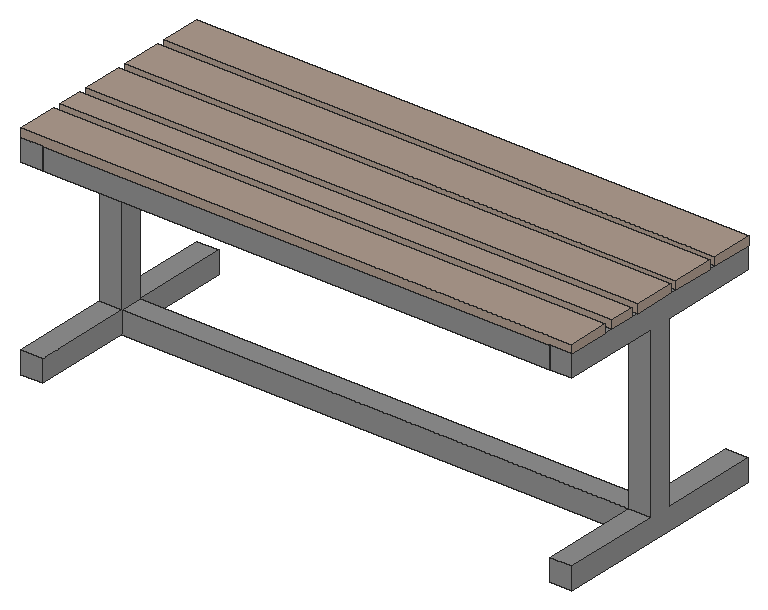
Revit family "Скамья гардеробная", category Оборудование, Revit 2017
Family settings
  Размер круглого соединителя = Использовать диаметр
  Тип детали = Нормальный
  На основе рабочей плоскости = Нет
  Всегда вертикально = Да
  При загрузке вырезать с полостями = Нет
  Общий = Нет
  Точка расчета площади = Нет
Parameters (values of type "1000х400х400")
  Общ_Ширина = 1000.0 mm
  Общ_Тип, марка = ""
  Общ_Примечание = ""
  Общ_Поставщик = ""
  Общ_Позиция = ""
  Общ_Наименование = "Скамья гардеробная 1000х400х400"
  Общ_Масса = "11,0"
  Общ_Код продукции = ""
  Общ_Единицы измерения = "шт."
  Общ_Глубина = 400.0 mm
  Общ_Высота = 400.0 mm
  Keynote = ""
  Группа модели = "ТХ"
Types (8, lengths in mm): name | Общ_Ширина | Общ_Наименование | Общ_Масса | Общ_Глубина | Общ_Высота | Группа модели
  (no name) | 1000.0 | "Скамья гардеробная 1000х400х400" | "11,0" | 400.0 | 400.0 | "ТХ"
  1000х400х400 | 1000.0 | "Скамья гардеробная 1000х400х400" | "11,0" | 400.0 | 400.0 | "ТХ"
  600х385х460 | 600.0 | "Скамья гардеробная, 600х385х460" | "" | 385.0 | 460.0 | "ТХ"
  800х385х460 | 800.0 | "Скамья гардеробная, 800х385х460" | "" | 385.0 | 460.0 | "ТХ"
  1000х385х460 | 1000.0 | "Скамья гардеробная, 1000х385х460" | "" | 385.0 | 460.0 | "ТХ"
  1200х385х460 | 1200.0 | "Скамья гардеробная, 1200х385х460" | "" | 385.0 | 460.0 | "ТХ"
  1500х385х460 | 1500.0 | "Скамья гардеробная, 1500х385х460" | "" | 385.0 | 460.0 | "ТХ"
  2000х385х460 | 2000.0 | "Скамья гардеробная" | "" | 385.0 | 460.0 | 0.0
Reference planes
  plane 1 "По центру (Вперед/Назад)": y = 0
  plane 2: z = 0
  plane 3 "По центру (Влево/Вправо)": x = 0
  plane 4: x = -500
  plane 5: x = 500
  plane 6: y = 200
  plane 7: y = -200
  plane 8: z = 400
  plane 9: x = -460
  plane 10: x = 460
  plane 11: z = 345
  plane 12: z = 298.222
  plane 13: z = 40
  plane 14: y = 20
  plane 15: y = -20
  plane 16: z = 385
Forms (mm)
  Extrusion 1, solid, material "Краш_металл", detail levels fine
    sketch origin (0, 0, 0) x (0, 1, 0) y (0, 0, 1)
      loop
        line (200, 385) -> (-200, 385) -> (-200, 345) -> (-20, 345) -> (-20, 40) -> (-200, 40) -> (-200, 0) -> (200, 0) -> (200, 40) -> (20, 40) -> (20, 345) -> (200, 345) -> (200, 385)
    from -500 to -460
  Extrusion 2, solid, material "Краш_металл", detail levels fine
    sketch origin (0, 0, 0) x (0, 1, 0) y (0, 0, -1)
      loop
        line (200, -385) -> (200, -345) -> (20, -345) -> (20, -40) -> (200, -40) -> (200, 0) -> (-200, 0) -> (-200, -40) -> (-20, -40) -> (-20, -345) -> (-200, -345) -> (-200, -385) -> (200, -385)
    from -500 to -460
  Extrusion 3, solid, material "Краш_металл", detail levels fine
    sketch origin (-460, -1524, 571.719) x (0, 0, 1) y (0, -1, 0)
      loop
        line (-186.719, -1724) -> (-186.719, -1684) -> (-226.719, -1684) -> (-226.719, -1724) -> (-186.719, -1724)
      loop
        line (-186.719, -1544) -> (-186.719, -1504) -> (-226.719, -1504) -> (-226.719, -1544) -> (-186.719, -1544)
      loop
        line (-531.719, -1544) -> (-531.719, -1504) -> (-571.719, -1504) -> (-571.719, -1544) -> (-531.719, -1544)
      loop
        line (-186.719, -1364) -> (-186.719, -1324) -> (-226.719, -1324) -> (-226.719, -1364) -> (-186.719, -1364)
    from 0 to 920
  Extrusion 4, solid, material "Деревяха", detail levels fine
    sketch origin (-460, -1524, 571.719) x (0, 0, 1) y (0, -1, 0)
      loop
        line (-186.719, -1724) -> (-171.719, -1724) -> (-171.719, -1649.037) -> (-186.719, -1649.037) -> (-186.719, -1724)
      loop
        line (-186.719, -1635.699) -> (-171.719, -1635.699) -> (-171.719, -1560.736) -> (-186.719, -1560.736) -> (-186.719, -1635.699)
      loop
        line (-186.719, -1398.963) -> (-171.719, -1398.963) -> (-171.719, -1324) -> (-186.719, -1324) -> (-186.719, -1398.963)
      loop
        line (-186.719, -1547.398) -> (-171.719, -1547.398) -> (-171.719, -1472.435) -> (-186.719, -1472.435) -> (-186.719, -1547.398)
      loop
        line (-186.719, -1459.098) -> (-171.719, -1459.098) -> (-171.719, -1413.963) -> (-186.719, -1413.963) -> (-186.719, -1459.098)
    from -40 to 960
Lines and regions (mm)
  symbolic lines, detail levels coarse+medium
    curve 1: line (500, -200, 0) -> (-500, -200, 0)
    curve 2: line (500, 200, 0) -> (500, -200, 0)
    curve 3: line (-500, 200, 0) -> (500, 200, 0)
    curve 4: line (-500, -200, 0) -> (-500, 200, 0)
    curve 5: line (-500, 0, 0) -> (500, 0, 0)
Dimensions and locks
  equal spacing: plane 4, plane 3 "По центру (Влево/Вправо)", plane 5
  "Общ_Ширина": plane 4 to plane 5
  equal spacing: plane 6, plane 1 "По центру (Вперед/Назад)", plane 7
  "Общ_Глубина": plane 6 to plane 7
  "Общ_Высота": plane 8 to plane 2
  locked: plane 9 to plane 4 at 40
  locked: plane 5 to plane 10 at 40
  locked: plane 13 to plane 2 at 40
  equal spacing: plane 14, plane 1 "По центру (Вперед/Назад)", plane 15
  locked: plane 14 to plane 15 at 40
  locked: plane 8 to plane 16 at 15
  locked: plane 16 to plane 11 at 40
  Extrusion 3 to level = 345.0 mm
  Extrusion 4 sketch curve to Extrusion 4 sketch curve to Extrusion 4 sketch curve to Extrusion 4 sketch curve to Extrusion 4 sketch curve to Extrusion 4 sketch curve to Extrusion 4 sketch curve to Extrusion 4 sketch curve to Extrusion 4 sketch curve to Extrusion 4 sketch curve = 74.963 mm locked, 13.338 mm locked, 74.963 mm locked, 13.338 mm locked, 74.963 mm locked, 13.338 mm locked, 45.135 mm locked, 15.0 mm locked, 74.963 mm locked
  plane 8 to Extrusion 4 = 15.0 mm
  aligned and locked: level to plane 2
  aligned and locked: plane 16 to Extrusion 1 sketch curve
  aligned and locked: Extrusion 1 sketch curve to plane 11
  aligned and locked: plane 6 to Extrusion 1 sketch curve  (x2)
  aligned and locked: Extrusion 1 sketch curve to plane 7  (x2)
  aligned and locked: plane 15 to Extrusion 1 sketch curve
  aligned and locked: plane 13 to Extrusion 1 sketch curve
  aligned and locked: Extrusion 1 sketch curve to level
  aligned and locked: plane 9 to Extrusion 1
  aligned and locked: plane 5 to Extrusion 2
  aligned and locked: Extrusion 2 to plane 10
  aligned and locked: plane 13 to Extrusion 2
  aligned and locked: Extrusion 2 to level
  aligned and locked: plane 16 to Extrusion 2
  aligned and locked: Extrusion 2 to plane 11
  aligned and locked: Extrusion 3 sketch curve to Extrusion 1  (x2)
  aligned and locked: Extrusion 3 sketch curve to plane 11
  aligned and locked: plane 10 to Extrusion 3
  aligned and locked: Extrusion 3 to plane 9
  aligned and locked: Extrusion 4 sketch curve to Extrusion 1
  aligned and locked: Extrusion 4 sketch curve to plane 8  (x5)
  aligned and locked: Extrusion 4 to plane 4
  aligned and locked: plane 5 to Extrusion 4
  aligned and locked: Extrusion 1 to plane 4
  aligned and locked: curve 1 to Extrusion 4
  aligned and locked: curve 2 to Extrusion 2
  aligned and locked: curve 3 to Extrusion 4
  aligned and locked: curve 4 to Extrusion 1
Automatic sketch dimensions
  Extrusion 1 sketch curve to plane 14 = 0.0 mm
  Extrusion 1 sketch curve to plane 13 = 0.0 mm
  Extrusion 1 sketch curve to plane 11 = 0.0 mm
  Extrusion 2 sketch curve to level = 0.0 mm
  Extrusion 2 sketch curve to plane 7 = 0.0 mm  (x2)
  Extrusion 2 sketch curve to plane 13 = 0.0 mm  (x2)
  Extrusion 2 sketch curve to plane 15 = 0.0 mm
  Extrusion 2 sketch curve to plane 11 = 0.0 mm  (x2)
  Extrusion 2 sketch curve to plane 14 = 0.0 mm
  Extrusion 2 sketch curve to plane 6 = 0.0 mm  (x2)
  Extrusion 2 sketch curve to plane 16 = 0.0 mm
  Extrusion 3 sketch curve to level = 0.0 mm
  Extrusion 3 sketch curve to plane 13 = 0.0 mm
  Extrusion 3 sketch curve to plane 11 = 0.0 mm  (x2)
  Extrusion 3 sketch curve to plane 15 = 0.0 mm  (x2)
  Extrusion 3 sketch curve to plane 16 = 0.0 mm  (x2)
  Extrusion 3 sketch curve to plane 14 = 0.0 mm  (x2)
  Extrusion 3 sketch curve to plane 7 = 0.0 mm
  Extrusion 3 sketch curve to Extrusion 3 sketch curve = 40.0 mm
  plane 7 to Extrusion 3 sketch curve = 40.0 mm
  Extrusion 4 sketch curve to plane 16 = 0.0 mm  (x5)
  plane 1 "По центру (Вперед/Назад)" to curve 5 = 0.0 mm
